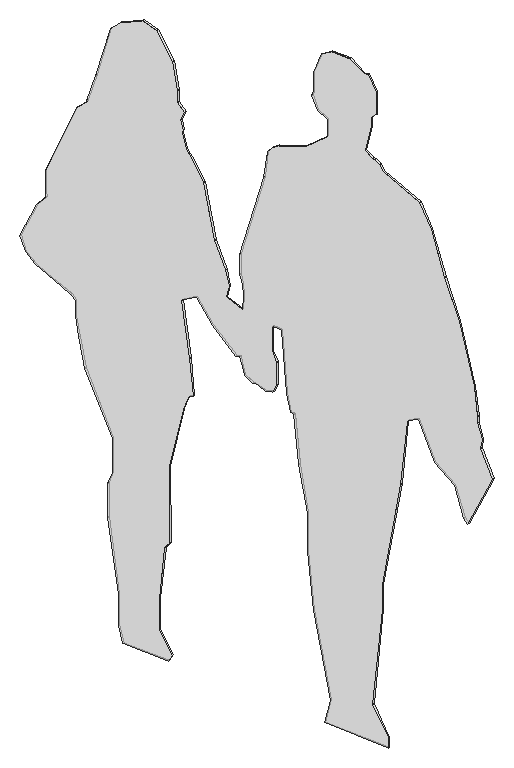
Revit family "Flat Couple 02", category Entourage, Revit 2015
Parameters
  Linework [instance] = yes
  Height = 0 mm
  Flat Material [instance] = none
Reference planes
  plane 1 "Center (Front/Back)": y = 0
  plane 2: z = 0
  plane 3 "Center (Left/Right)": x = 0
  plane 4: z = 1600
Forms (mm)
  Extrusion 1, solid, material <- "Flat Material"
    sketch origin (0, 0, 0) x (1, 0, 0) y (0, 0, 1)
      loop
        line (-234.071, 0) -> (-103.268, 0) -> (-92.112, 19.322) -> (-129.3, 72.447) -> (-129.3, 153.193) -> (-113.363, 291.318) -> (-98.604, 309.031) -> (-99.55, 505.945) -> (-60.238, 669.564) -> (-45.363, 705.693) -> (-30.488, 712.064) -> (-41.113, 807.689) -> (-64.169, 950.225) -> (-21.988, 971.318) -> (24.763, 916.066) -> (91.915, 859.412) -> (103.387, 862.941) -> (107.637, 845.945) -> (116.137, 818.314) -> (140.93, 805.925) -> (148.012, 807.689) -> (177.752, 799.72) -> (199.499, 803.164) -> (210.674, 825.528) -> (210.674, 885.528) -> (197.95, 910.973) -> (197.95, 973.674) -> (222.95, 973.674) -> (238.262, 814.408) -> (249.795, 768.293) -> (260.229, 768.293) -> (274.032, 644.057) -> (298.887, 525.068) -> (298.887, 427.316) -> (315.887, 280.693) -> (364.762, 63.939) -> (348.431, 0) -> (533.431, 0) -> (533.431, 26.235) -> (488.046, 96.123) -> (516.7, 352.941) -> (516.7, 416.691) -> (569.036, 694.876) -> (588.641, 864.798) -> (619.774, 880.791) -> (666.735, 786.877) -> (724.076, 746.727) -> (751.437, 671.552) -> (763.518, 659.471) -> (835.037, 802.597) -> (800.768, 869.31) -> (805.72, 895.628) -> (792.109, 933.022) -> (792.109, 949.993) -> (781.261, 1022.316) -> (738.762, 1177.447) -> (696.262, 1277.316) -> (658.012, 1387.82) -> (624.012, 1445.189) -> (518.477, 1488.407) -> (508.567, 1503.272) -> (494.388, 1512.134) -> (488.859, 1512.134) -> (467.3, 1525.609) -> (484.824, 1591.822) -> (484.824, 1617.316) -> (498.637, 1627.941) -> (498.637, 1685.32) -> (475.262, 1723.566) -> (460.731, 1723.566) -> (422.137, 1748.001) -> (369.012, 1748.001) -> (339.262, 1729.947) -> (315.887, 1674.695) -> (315.887, 1625.814) -> (311.637, 1613.072) -> (328.637, 1579.07) -> (357.325, 1566.764) -> (357.325, 1522.877) -> (293.346, 1473.959) -> (216.013, 1449.443) -> (197.53, 1437.124) -> (184.138, 1421.822) -> (173.512, 1351.691) -> (103.387, 1128.566) -> (103.387, 1075.441) -> (110.825, 1052.064) -> (113.48, 1024.443) -> (110.32, 987.665) -> (64.744, 1003.942) -> (73.637, 1035.068) -> (63.012, 1073.314) -> (31.137, 1139.191) -> (-0.738, 1277.316) -> (-36.863, 1330.441) -> (-51.738, 1345.32) -> (-62.363, 1385.693) -> (-60.238, 1392.064) -> (-67.193, 1416.413) -> (-55.328, 1440.137) -> (-75.113, 1457.941) -> (-75.113, 1489.816) -> (-89.987, 1559.947) -> (-136.738, 1623.697) -> (-177.113, 1634.322) -> (-240.863, 1608.818) -> (-270.613, 1581.197) -> (-313.113, 1445.189) -> (-338.613, 1370.814) -> (-336.492, 1368.693) -> (-368.362, 1343.193) -> (-458.675, 1147.689) -> (-458.675, 1090.32) -> (-456.699, 1080.043) -> (-483.113, 1052.064) -> (-531.988, 954.322) -> (-517.112, 916.066) -> (-487.363, 894.816) -> (-453.189, 879.041) -> (-385.362, 852.316) -> (-372.613, 841.691) -> (-372.613, 801.318) -> (-361.988, 750.32) -> (-344.987, 675.945) -> (-265.3, 520.814) -> (-265.3, 433.697) -> (-278.05, 399.695) -> (-278.05, 312.568) -> (-248.301, 123.445) -> (-248.301, 42.689) -> (-234.071, 0)
    from -2.5 to 2.5
Lines and regions (mm)
  model lines
    curve 1: line (0, 150, 0) -> (0, -150, 0)
    curve 2: line (-150, 0, 0) -> (150, 0, 0)
Dimensions and locks
  aligned and locked: level to plane 2
